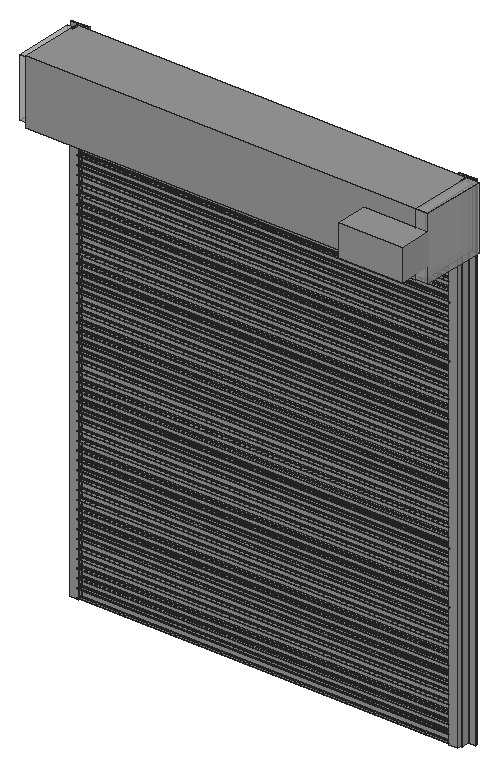
Revit family "Door-StormDefender-FaceOfWallMount_Cornell", category Doors, host Wall, Revit 2018
Family settings
  Host = Wall
  OmniClass Number = 23.30.10.17.27.11
  OmniClass Title = Overhead Coiling
  Always vertical = Yes
  Cut with Voids When Loaded = No
  Shared = No
  Room Calculation Point = No
Parameters (values of type "SEE TYPE CATALOG")
  Type Comments = ""
  SpectraSheild Coating Information [instance] = "https://www.cornellIron.com/accessory/spectrashield-powder-coating"
  Sizing for Opening Size = "Minimum 3ft x 3ft and Max Openings up to 14ft wide x 16ft high"  # constant formula
  Rating Offset = 0' - 4 1/2"
  Product Page = "https://www.cornellIron.com/product/stormdefender-door"
  Opening Width = 14' - 0"
  Non-Fire-Rated (PSD361) = yes
  Listings = "ICC 500 - 2014, FEMA P-361, [UL10B, UL1784 (fire rated model only)]"  # constant formula
  Jamb Dimension Note = "4 - 8In wide and 5-6In deep. Consult CornellIron when dimensions are critical."  # constant formula
  Operator Right Side Horizontal OR = yes
  Operator Left Side Horizontal OR = no
  Opening Height = 16' - 0"
  Operator Right Side Top OR = no
  Operator Left Side Top OR = no
  Guide Height = Height - A Coil Hood Height  # 16' - 9"
  Fire-Rated (PRSD361) [instance] = no
  E = 0' - 7 3/8"
  D = 0' - 3 1/2"  # constant formula
  Rough Height = 16' - 0 1/2"
  Product Options = "Seismic Performance Validation. Standard Emergency Annuciator: [ADA Compliant horn/strobe.  Voice Warning Module                                 \r\nStandard : Emergency Annunciator: [ADA compliant horn/strobe] [Voice Warning Module] emergency annunciator to give advanced warning that door is about to close, activating warning signal upon alarm or activation. \r\nStandard : Battery Back-Up: Model R-BBU Battery Back-Up System for AlarmGard Motor Operator: Prevent gravity closure for a minimum of four hours due to power failure.\r\nOperator and Full Bracket Mechanism Cover: Provide minimum 24 gauge [galvanized steel] [stainless steel] sheet metal cover [to provide weather resistance] [to enclose exposed moving operating components] at coil area of unit. Finish to match door hood."  # constant formula
  Operator Width = Width + 0' 9"  # 14' - 9"
  Guard Width = Width + if(Rating Offset = 0' 4 1/2", 0' 2 1/4", 0' 3 1/4")  # 14' - 2 1/4"
  Function = (empty or 0)
  Door Material [instance] = Metal - Steel, Galvanized - CornellIron - SpectraShield Powder Coating - Grey
  Cost Note = "Based on size, materials selected. Consult CornellIron ."  # constant formula
  Cost = 0
  CornellIron Products = "https://www.cornellIron.com/products"
  Cookson Custom Finishes [instance] = "https://www.cornellIron.com/customization/ral-colors"
  Coil Dimension Note = "Consult CornellIron when dimensions are critical."  # constant formula
  Clearances on Operator side Note = "9In-11In wide. Consult CornellIron when dimensions are critical."  # constant formula
  Clearances on Adjuster side Note = "6In - 8In wide. Consult CornellIron when dimensions are critical."  # constant formula
  CAD Resources = "https://www.cornellIron.com/architect-tools-and-resources/generate-a-drawing?door=stormDefender.jsp"
  C = 0' - 5 1/2"  # constant formula
  Mounting = "Face of Wall "  # constant formula
  Wall Construction = "Steel or Masonry"  # constant formula
  Specifications = "https://www.cornellIron.com/architectural-resource-homepage/download-library"
  CornellIron Projects = "https://www.cornellIron.com/inspiration/project-gallery"
  URL = "https://www.cornellIron.com/"
  Subcategory = "Roll Up"
  Operator Height = 5' - 4"
  Operation = "Motor Operator"  # constant formula
  Operator on Right = not(or(Operator Left Side Horizontal OR, Operator Left Side Top OR))  # yes
  Operator on Left = not(or(Operator Right Side Horizontal OR, Operator Right Side Top OR))  # no
  Model = "PSD361"
  Manufacturer = "Cornell:  24 Elmwood Ave, Mountain Top, PA 18707.  Telephone: (800) 294-4358"  # constant formula
  LEED Information = "https://www.cornelliron.com/architectural-resource-homepage/leed-information"
  Height = if(Opening Height < 3' 0", 3' 0", if(Opening Height > 16' 0", 16' 0", Opening Height)) + 3' 2"  # 19' - 2"
  Wall Closure = (empty or 0)
  Width = if(Opening Width < 3' 0", 3' 0", if(Opening Width > 14' 0", 14' 0", Opening Width))  # 14' - 0"
  Description = "StormDefender is designed specifically to protect life in safe rooms for hurricanes and tornados. It is certified to stringent ICC500-2014 and FEMA P-361, Third Edition code standards, and connects directly to the building's alarm ssytem, ensuring the door deploys on alarm. The door is completely recessed in the ceiling, allowing complete design freedom for Safe Rooms in public institutions. A listed fire rated version is also available."  # constant formula
  Construction Type = ""
  B Coil Hood Depth = A Coil Hood Height  # 2' - 5"
  Assembly Code = "B2030410"
  Analytic Construction = "<None>"
  A Coil Hood Height = 2' - 5"
  95 CSI = "08330"  # constant formula
  Representative Disclaimer = "CornellIron products are sold and installed through a nationwide network of independent distributors."  # constant formula
  Distributor Locator = "https://www.cornellIron.com/find-a-dealer"
  04 CSI = "08 33 00"  # constant formula
  # Of Slats = (Guide Height / 0' 4")  # 50
Reference planes (in)
  plane 1 "Center (Front/Back)": y = 0
  plane 2 "Center (Left/Right)": x = 36.5
  plane 3 "Left": x = -47.5
  plane 4 "Right": x = 120.5
  plane 5 "Wall Edge": y = -3.25
  plane 6 "Top of Hood": z = 230
  plane 7: z = 4.39975
  plane 8: z = 4.39975
  plane 9: z = 6.41361
  plane 10: z = 10.41361
  plane 11: y = -5.125
  plane 12 "RatingOffset": x = -52
  plane 13 "Right Opening": x = -50
  plane 14 "Left Opening": x = 123
  plane 15: y = -6.249
  plane 16: x = -51.625
  plane 17: x = 125
  plane 18: x = 123.875
  plane 19: z = 192
  plane 20: z = 201
  plane 21: x = 146.5
  plane 22: x = 74
  plane 23: z = 48
  plane 24 "CurtainSlatFace": y = -7.5625
Forms (in)
  Extrusion 1, solid, material "Metal - Steel, Galvanized - CornellIron - SpectraShield Powder Coating - Grey" <- "Door Material"
    sketch origin (36.5, 5.6875, 0) x (0, 1, 0) y (0, 0, 1)
      loop
        arc (-14.54091, 1.094) -> (-14.68883, 1.03273) -> (-14.75011, 0.8848) r 0.2092
        line (-14.75011, 0.8848) -> (-14.75011, 0.2092)
        arc (-14.75011, 0.2092) -> (-14.68883, 0.06127) -> (-14.54091, 0) r 0.2092
        line (-14.54091, 0) -> (-13.4592, 0)
        arc (-13.4592, 0) -> (-13.31127, 0.06127) -> (-13.25, 0.2092) r 0.2092
        line (-13.25, 0.2092) -> (-13.25, 3.7908)
        arc (-13.25, 3.7908) -> (-13.31127, 3.93873) -> (-13.4592, 4) r 0.2092
        line (-13.4592, 4) -> (-14.54091, 4)
        arc (-14.54091, 4) -> (-14.61487, 4.03064) -> (-14.64551, 4.1046) r 0.1046
        line (-14.64551, 4.1046) -> (-14.64551, 5.2704)
        arc (-14.64551, 5.2704) -> (-14.61487, 5.34436) -> (-14.54091, 5.375) r 0.1046
        line (-14.54091, 5.375) -> (-13.8546, 5.375)
        arc (-13.8546, 5.375) -> (-13.78064, 5.34436) -> (-13.75, 5.2704) r 0.1046
        line (-13.75, 5.2704) -> (-13.75, 4.75) -> (-13.6454, 4.75) -> (-13.6454, 5.2704)
        arc (-13.6454, 5.2704) -> (-13.70667, 5.41833) -> (-13.8546, 5.4796) r 0.2092
        line (-13.8546, 5.4796) -> (-14.54091, 5.4796)
        arc (-14.54091, 5.4796) -> (-14.68883, 5.41833) -> (-14.75011, 5.2704) r 0.2092
        line (-14.75011, 5.2704) -> (-14.75011, 4.1046)
        arc (-14.75011, 4.1046) -> (-14.68883, 3.95667) -> (-14.54091, 3.8954) r 0.2092
        line (-14.54091, 3.8954) -> (-13.4592, 3.8954)
        arc (-13.4592, 3.8954) -> (-13.38524, 3.86476) -> (-13.3546, 3.7908) r 0.1046
        line (-13.3546, 3.7908) -> (-13.3546, 0.2092)
        arc (-13.3546, 0.2092) -> (-13.38524, 0.13524) -> (-13.4592, 0.1046) r 0.1046
        line (-13.4592, 0.1046) -> (-14.54091, 0.1046)
        arc (-14.54091, 0.1046) -> (-14.61487, 0.13524) -> (-14.64551, 0.2092) r 0.1046
        line (-14.64551, 0.2092) -> (-14.64551, 0.8848)
        arc (-14.64551, 0.8848) -> (-14.61487, 0.95876) -> (-14.54091, 0.9894) r 0.1046
        line (-14.54091, 0.9894) -> (-13.9375, 0.9894) -> (-13.9375, 1.094) -> (-14.54091, 1.094)
      loop
        arc (-14.35818, 0.95815) -> (-14.50611, 0.89688) -> (-14.56738, 0.74895) r 0.2092
        line (-14.56738, 0.74895) -> (-14.56738, 0.34505)
        arc (-14.56738, 0.34505) -> (-14.50611, 0.19712) -> (-14.35818, 0.13585) r 0.2092
        line (-14.35818, 0.13585) -> (-13.43273, 0.13585) -> (-13.43273, 0.24045) -> (-14.35818, 0.24045)
        arc (-14.35818, 0.24045) -> (-14.43215, 0.27109) -> (-14.46278, 0.34505) r 0.1046
        line (-14.46278, 0.34505) -> (-14.46278, 0.74895)
        arc (-14.46278, 0.74895) -> (-14.43215, 0.82291) -> (-14.35818, 0.85355) r 0.1046
        line (-14.35818, 0.85355) -> (-13.43273, 0.85355) -> (-13.43273, 0.95815) -> (-14.35818, 0.95815)
    from -85.125 to 85.125
Lines and regions (in)
  Opening 1
    outline origin (-90, -3.25, 0) x (1, 0, 0) y (0, 0, 1)
      loop
        line (42.5, 0) -> (210.5, 0) -> (210.5, 192) -> (42.5, 192) -> (42.5, 0)
  symbolic lines
    curve 1: line (-48.625, -7.5625, 0) -> (121.625, -7.5625, 0)
    curve 2: line (-48.625, -9.06261, 0) -> (-48.625, -7.5625, 0)
    curve 3: line (121.625, -9.06261, 0) -> (-48.625, -9.06261, 0)
    curve 4: line (121.625, -7.5625, 0) -> (121.625, -9.06261, 0)
Text (in)
  text "Exterior" at (-74.96733, 43.29818, 0), in view "Ref. Level"
  text "Interior" at (-74.96733, -25.14366, 0), in view "Ref. Level"
  text "Exterior" at (0, 40.15149, 123.01588), in view "Right"
  text "Interior" at (0, -64.39139, 123.01588), in view "Right"
  text "Interior" at (0, -99.68667, 224.54229), in view "Left"
  text "Exterior" at (0, 121.89301, 224.54229), in view "Left"
Dimensions and locks (in)
  equal spacing: plane 3 "Left", plane 2 "Center (Left/Right)", plane 4 "Right"
  "Width": plane 3 "Left" to plane 4 "Right"
  locked: level to plane 7 at 4.39975
  locked: level to plane 8 at 4.39975
  locked: plane 9 to level at 6.41361
  level to plane 10 = 0' - 10.41361"
  locked: plane 13 "Right Opening" to plane 3 "Left" at 2.5
  locked: plane 4 "Right" to plane 14 "Left Opening" at 2.5
  locked: plane 5 "Wall Edge" to plane 11 at 1.875
  locked: plane 5 "Wall Edge" to plane 15 at 2.999
  locked: plane 17 to plane 18 at 1.125
  "Rating Offset": plane 4 "Right" to plane 17
  "Rating Offset": plane 12 "RatingOffset" to plane 3 "Left"
  locked: plane 16 to plane 3 "Left" at 4.125
  plane 23 to level = 4' - 0"
  plane 14 "Left Opening" to plane 21 = 1' - 11 1/2"
  "Opening Height": level to plane 19
  "Height": plane 6 "Top of Hood" to level
  equal spacing: group 1, group 2, group 3, group 4, group 5, group 6, group 7, group 8, group 9, group 10, group 11, group 12, group 13, group 14, group 15, group 16, group 17, group 18, group 19, group 20, group 21, group 22, group 23, group 24, group 25, group 26, group 27, group 28, group 29, group 30, group 31, group 32, group 33, group 34, group 35, group 36, group 37, group 38, group 39, group 40, group 41, group 42, group 43, group 44, group 45, group 46, group 47, group 48, group 49, group 50  (x3)
  nested 1 to nested 1 = 2' - 5"  (x3)
  "A Coil Hood Height": nested 1 to plane 6 "Top of Hood"
  nested 1 to level = 19' - 2"
  nested 1 to level = 16' - 9"
  nested 13 to level = 19' - 2"
  plane 3 "Left" to plane 4 "Right" = 14' - 0"
  locked: plane 5 "Wall Edge" to plane 24 "CurtainSlatFace" at 4.3125
  locked: plane 5 "Wall Edge" to nested 1 at 1.25
  locked: plane 12 "RatingOffset" to Extrusion 1 at 3.375
  locked: plane 17 to Extrusion 1 at 3.375
  plane 5 "Wall Edge" to nested 1 = 2' - 6 1/4"
  plane 5 "Wall Edge" to nested 1 = 0' - 1 1/4"
  aligned and locked: Opening 1 sketch curve to level
  aligned and locked: plane 5 "Wall Edge" to host wall
  aligned and locked: plane 4 "Right" to Opening 1 sketch curve
  aligned and locked: plane 3 "Left" to Opening 1 sketch curve
  aligned and locked: nested 2 to plane 2 "Center (Left/Right)"
  aligned and locked: nested 3 to plane 2 "Center (Left/Right)"
  aligned and locked: nested 14 to plane 17
  aligned and locked: nested 14 to plane 5 "Wall Edge"
  aligned and locked: plane 5 "Wall Edge" to nested 13
  aligned and locked: plane 24 "CurtainSlatFace" to Extrusion 1
  aligned and locked: plane 12 "RatingOffset" to nested 13
  aligned and locked: plane 24 "CurtainSlatFace" to nested 2
  aligned and locked: curve 2 to nested 13
  aligned and locked: curve 4 to nested 14
Automatic sketch dimensions
  Opening 1 sketch curve to plane 19 = 0' - 0"
  Extrusion 1 sketch curve to Extrusion 1 sketch curve = 0' - 0"  (x37)
  Extrusion 1 sketch curve to Extrusion 1 sketch curve = 0' - 0.1046"  (x10)
  Extrusion 1 sketch curve to Extrusion 1 sketch curve = 0' - 0.60341"
  Extrusion 1 sketch curve to Extrusion 1 sketch curve = 0' - 0.68631"
  Extrusion 1 sketch curve to Extrusion 1 sketch curve = 0' - 1.08171"
  Extrusion 1 sketch curve to Extrusion 1 sketch curve = 0' - 0.1862"
  Extrusion 1 sketch curve to Extrusion 1 sketch curve = 0' - 0.02648"
  Extrusion 1 sketch curve to Extrusion 1 sketch curve = 0' - 0.50477"
  Extrusion 1 sketch curve to Extrusion 1 sketch curve = 0' - 0.02647"
  Extrusion 1 sketch curve to Extrusion 1 sketch curve = 0' - 0 1/32"
  Extrusion 1 sketch curve to Extrusion 1 sketch curve = 0' - 0.13585"
  Extrusion 1 sketch curve to Extrusion 1 sketch curve = 0' - 0.4039"
  Extrusion 1 sketch curve to Extrusion 1 sketch curve = 0' - 2.6968"
  Extrusion 1 sketch curve to Extrusion 1 sketch curve = 0' - 0 3/4"
  Extrusion 1 sketch curve to Extrusion 1 sketch curve = 0' - 0.5204"
  curve 2 to curve 3 = 14' - 2 1/4"
  curve 2 to curve 2 = 0' - 1.50011"
  Extrusion 1 sketch curve to level = 0' - 0"
  Extrusion 1 sketch curve to plane 24 "CurtainSlatFace" = 0' - 0"
  curve 4 to plane 24 "CurtainSlatFace" = 0' - 0"
  curve 4 to plane 24 "CurtainSlatFace" = 0' - 1.50011"
Nested families (in)
  nested 1: "Coil Hood" at (36.5, -13, 146.5), Door Material <- "Door Material", type "Parametric"
    with Door Material Metal - Steel, Galvanized - CornellIron - SpectraShield Powder Coating - Grey, Top Left no, Right yes, Operator Cover Left no, Opeator Cover Right yes, Left no, Horizontal Right yes
  nested 2: "Curtain Slat Design" at (119.84707, -8.51, 7.40625) x (-1, 0, 0) z (0, 0, 1), Door Material <- "Door Material", type "Parametric"
    with No Of Stuts Upper 17, No Of Stuts 18, Door Material Metal - Steel, Galvanized - CornellIron - SpectraShield Powder Coating - Grey, Distance Horizontal Placement 0' - 9"
  nested 3: "Curtain Slat Design" at (119.84707, -8.51, 11.40625) x (-1, 0, 0) z (0, 0, 1), Door Material <- "Door Material", type "Parametric"
    with No Of Stuts Upper 17, No Of Stuts 18, Door Material Metal - Steel, Galvanized - CornellIron - SpectraShield Powder Coating - Grey, Distance Horizontal Placement 0' - 9"
  nested 4: "Curtain Slat Design" at (119.84707, -8.51, 15.40625) x (-1, 0, 0) z (0, 0, 1), Door Material <- "Door Material", type "Parametric"
    with No Of Stuts Upper 17, No Of Stuts 18, Door Material Metal - Steel, Galvanized - CornellIron - SpectraShield Powder Coating - Grey, Distance Horizontal Placement 0' - 9"
  nested 5: "Curtain Slat Design" at (119.84707, -8.51, 19.40625) x (-1, 0, 0) z (0, 0, 1), Door Material <- "Door Material", type "Parametric"
    with No Of Stuts Upper 17, No Of Stuts 18, Door Material Metal - Steel, Galvanized - CornellIron - SpectraShield Powder Coating - Grey, Distance Horizontal Placement 0' - 9"
  nested 6: "Curtain Slat Design" at (119.84707, -8.51, 23.40625) x (-1, 0, 0) z (0, 0, 1), Door Material <- "Door Material", type "Parametric"
    with No Of Stuts Upper 17, No Of Stuts 18, Door Material Metal - Steel, Galvanized - CornellIron - SpectraShield Powder Coating - Grey, Distance Horizontal Placement 0' - 9"
  nested 7: "Curtain Slat Design" at (119.84707, -8.51, 27.40625) x (-1, 0, 0) z (0, 0, 1), Door Material <- "Door Material", type "Parametric"
    with No Of Stuts Upper 17, No Of Stuts 18, Door Material Metal - Steel, Galvanized - CornellIron - SpectraShield Powder Coating - Grey, Distance Horizontal Placement 0' - 9"
  nested 8: "Curtain Slat Design" at (119.84707, -8.51, 31.40625) x (-1, 0, 0) z (0, 0, 1), Door Material <- "Door Material", type "Parametric"
    with No Of Stuts Upper 17, No Of Stuts 18, Door Material Metal - Steel, Galvanized - CornellIron - SpectraShield Powder Coating - Grey, Distance Horizontal Placement 0' - 9"
  nested 9: "Curtain Slat Design" at (119.84707, -8.51, 35.40625) x (-1, 0, 0) z (0, 0, 1), Door Material <- "Door Material", type "Parametric"
    with No Of Stuts Upper 17, No Of Stuts 18, Door Material Metal - Steel, Galvanized - CornellIron - SpectraShield Powder Coating - Grey, Distance Horizontal Placement 0' - 9"
  nested 10: "Curtain Slat Design" at (119.84707, -8.51, 39.40625) x (-1, 0, 0) z (0, 0, 1), Door Material <- "Door Material", type "Parametric"
    with No Of Stuts Upper 17, No Of Stuts 18, Door Material Metal - Steel, Galvanized - CornellIron - SpectraShield Powder Coating - Grey, Distance Horizontal Placement 0' - 9"
  nested 11: "Curtain Slat Design" at (119.84707, -8.51, 43.40625) x (-1, 0, 0) z (0, 0, 1), Door Material <- "Door Material", type "Parametric"
    with No Of Stuts Upper 17, No Of Stuts 18, Door Material Metal - Steel, Galvanized - CornellIron - SpectraShield Powder Coating - Grey, Distance Horizontal Placement 0' - 9"
  nested 12: "Curtain Slat Design" at (119.84707, -8.51, 47.40625) x (-1, 0, 0) z (0, 0, 1), Door Material <- "Door Material", type "Parametric"
    with No Of Stuts Upper 17, No Of Stuts 18, Door Material Metal - Steel, Galvanized - CornellIron - SpectraShield Powder Coating - Grey, Distance Horizontal Placement 0' - 9"
  nested 13: "Jamb-Guide_Wall-2" at (-51.5, -9.5, 0), Door Material <- "Door Material", type "Parametric"
    with Door Material Metal - Steel, Galvanized - CornellIron - SpectraShield Powder Coating - Grey, A Coil Hood Height 2' - 5"
  nested 14: "Jamb-Guide_Wall-2" at (124.5, -9.5, 0) x (-1, 0, 0) z (0, 0, 1), Door Material <- "Door Material", type "Parametric"
    with Door Material Metal - Steel, Galvanized - CornellIron - SpectraShield Powder Coating - Grey, A Coil Hood Height 2' - 5"
  nested 15: "Curtain Slat Design" at (119.84707, -8.51, 51.40625) x (-1, 0, 0) z (0, 0, 1), Door Material <- "Door Material", type "Parametric"
    with No Of Stuts Upper 17, No Of Stuts 18, Door Material Metal - Steel, Galvanized - CornellIron - SpectraShield Powder Coating - Grey, Distance Horizontal Placement 0' - 9"
  nested 16: "Curtain Slat Design" at (119.84707, -8.51, 55.40625) x (-1, 0, 0) z (0, 0, 1), Door Material <- "Door Material", type "Parametric"
    with No Of Stuts Upper 17, No Of Stuts 18, Door Material Metal - Steel, Galvanized - CornellIron - SpectraShield Powder Coating - Grey, Distance Horizontal Placement 0' - 9"
  nested 17: "Curtain Slat Design" at (119.84707, -8.51, 59.40625) x (-1, 0, 0) z (0, 0, 1), Door Material <- "Door Material", type "Parametric"
    with No Of Stuts Upper 17, No Of Stuts 18, Door Material Metal - Steel, Galvanized - CornellIron - SpectraShield Powder Coating - Grey, Distance Horizontal Placement 0' - 9"
  nested 18: "Curtain Slat Design" at (119.84707, -8.51, 63.40625) x (-1, 0, 0) z (0, 0, 1), Door Material <- "Door Material", type "Parametric"
    with No Of Stuts Upper 17, No Of Stuts 18, Door Material Metal - Steel, Galvanized - CornellIron - SpectraShield Powder Coating - Grey, Distance Horizontal Placement 0' - 9"
  nested 19: "Curtain Slat Design" at (119.84707, -8.51, 67.40625) x (-1, 0, 0) z (0, 0, 1), Door Material <- "Door Material", type "Parametric"
    with No Of Stuts Upper 17, No Of Stuts 18, Door Material Metal - Steel, Galvanized - CornellIron - SpectraShield Powder Coating - Grey, Distance Horizontal Placement 0' - 9"
  nested 20: "Curtain Slat Design" at (119.84707, -8.51, 71.40625) x (-1, 0, 0) z (0, 0, 1), Door Material <- "Door Material", type "Parametric"
    with No Of Stuts Upper 17, No Of Stuts 18, Door Material Metal - Steel, Galvanized - CornellIron - SpectraShield Powder Coating - Grey, Distance Horizontal Placement 0' - 9"
  nested 21: "Curtain Slat Design" at (119.84707, -8.51, 75.40625) x (-1, 0, 0) z (0, 0, 1), Door Material <- "Door Material", type "Parametric"
    with No Of Stuts Upper 17, No Of Stuts 18, Door Material Metal - Steel, Galvanized - CornellIron - SpectraShield Powder Coating - Grey, Distance Horizontal Placement 0' - 9"
  nested 22: "Curtain Slat Design" at (119.84707, -8.51, 79.40625) x (-1, 0, 0) z (0, 0, 1), Door Material <- "Door Material", type "Parametric"
    with No Of Stuts Upper 17, No Of Stuts 18, Door Material Metal - Steel, Galvanized - CornellIron - SpectraShield Powder Coating - Grey, Distance Horizontal Placement 0' - 9"
  nested 23: "Curtain Slat Design" at (119.84707, -8.51, 83.40625) x (-1, 0, 0) z (0, 0, 1), Door Material <- "Door Material", type "Parametric"
    with No Of Stuts Upper 17, No Of Stuts 18, Door Material Metal - Steel, Galvanized - CornellIron - SpectraShield Powder Coating - Grey, Distance Horizontal Placement 0' - 9"
  nested 24: "Curtain Slat Design" at (119.84707, -8.51, 87.40625) x (-1, 0, 0) z (0, 0, 1), Door Material <- "Door Material", type "Parametric"
    with No Of Stuts Upper 17, No Of Stuts 18, Door Material Metal - Steel, Galvanized - CornellIron - SpectraShield Powder Coating - Grey, Distance Horizontal Placement 0' - 9"
  nested 25: "Curtain Slat Design" at (119.84707, -8.51, 91.40625) x (-1, 0, 0) z (0, 0, 1), Door Material <- "Door Material", type "Parametric"
    with No Of Stuts Upper 17, No Of Stuts 18, Door Material Metal - Steel, Galvanized - CornellIron - SpectraShield Powder Coating - Grey, Distance Horizontal Placement 0' - 9"
  nested 26: "Curtain Slat Design" at (119.84707, -8.51, 95.40625) x (-1, 0, 0) z (0, 0, 1), Door Material <- "Door Material", type "Parametric"
    with No Of Stuts Upper 17, No Of Stuts 18, Door Material Metal - Steel, Galvanized - CornellIron - SpectraShield Powder Coating - Grey, Distance Horizontal Placement 0' - 9"
  nested 27: "Curtain Slat Design" at (119.84707, -8.51, 99.40625) x (-1, 0, 0) z (0, 0, 1), Door Material <- "Door Material", type "Parametric"
    with No Of Stuts Upper 17, No Of Stuts 18, Door Material Metal - Steel, Galvanized - CornellIron - SpectraShield Powder Coating - Grey, Distance Horizontal Placement 0' - 9"
  nested 28: "Curtain Slat Design" at (119.84707, -8.51, 103.40625) x (-1, 0, 0) z (0, 0, 1), Door Material <- "Door Material", type "Parametric"
    with No Of Stuts Upper 17, No Of Stuts 18, Door Material Metal - Steel, Galvanized - CornellIron - SpectraShield Powder Coating - Grey, Distance Horizontal Placement 0' - 9"
  nested 29: "Curtain Slat Design" at (119.84707, -8.51, 107.40625) x (-1, 0, 0) z (0, 0, 1), Door Material <- "Door Material", type "Parametric"
    with No Of Stuts Upper 17, No Of Stuts 18, Door Material Metal - Steel, Galvanized - CornellIron - SpectraShield Powder Coating - Grey, Distance Horizontal Placement 0' - 9"
  nested 30: "Curtain Slat Design" at (119.84707, -8.51, 111.40625) x (-1, 0, 0) z (0, 0, 1), Door Material <- "Door Material", type "Parametric"
    with No Of Stuts Upper 17, No Of Stuts 18, Door Material Metal - Steel, Galvanized - CornellIron - SpectraShield Powder Coating - Grey, Distance Horizontal Placement 0' - 9"
  nested 31: "Curtain Slat Design" at (119.84707, -8.51, 115.40625) x (-1, 0, 0) z (0, 0, 1), Door Material <- "Door Material", type "Parametric"
    with No Of Stuts Upper 17, No Of Stuts 18, Door Material Metal - Steel, Galvanized - CornellIron - SpectraShield Powder Coating - Grey, Distance Horizontal Placement 0' - 9"
  nested 32: "Curtain Slat Design" at (119.84707, -8.51, 119.40625) x (-1, 0, 0) z (0, 0, 1), Door Material <- "Door Material", type "Parametric"
    with No Of Stuts Upper 17, No Of Stuts 18, Door Material Metal - Steel, Galvanized - CornellIron - SpectraShield Powder Coating - Grey, Distance Horizontal Placement 0' - 9"
  nested 33: "Curtain Slat Design" at (119.84707, -8.51, 123.40625) x (-1, 0, 0) z (0, 0, 1), Door Material <- "Door Material", type "Parametric"
    with No Of Stuts Upper 17, No Of Stuts 18, Door Material Metal - Steel, Galvanized - CornellIron - SpectraShield Powder Coating - Grey, Distance Horizontal Placement 0' - 9"
  nested 34: "Curtain Slat Design" at (119.84707, -8.51, 127.40625) x (-1, 0, 0) z (0, 0, 1), Door Material <- "Door Material", type "Parametric"
    with No Of Stuts Upper 17, No Of Stuts 18, Door Material Metal - Steel, Galvanized - CornellIron - SpectraShield Powder Coating - Grey, Distance Horizontal Placement 0' - 9"
  nested 35: "Curtain Slat Design" at (119.84707, -8.51, 131.40625) x (-1, 0, 0) z (0, 0, 1), Door Material <- "Door Material", type "Parametric"
    with No Of Stuts Upper 17, No Of Stuts 18, Door Material Metal - Steel, Galvanized - CornellIron - SpectraShield Powder Coating - Grey, Distance Horizontal Placement 0' - 9"
  nested 36: "Curtain Slat Design" at (119.84707, -8.51, 135.40625) x (-1, 0, 0) z (0, 0, 1), Door Material <- "Door Material", type "Parametric"
    with No Of Stuts Upper 17, No Of Stuts 18, Door Material Metal - Steel, Galvanized - CornellIron - SpectraShield Powder Coating - Grey, Distance Horizontal Placement 0' - 9"
  nested 37: "Curtain Slat Design" at (119.84707, -8.51, 139.40625) x (-1, 0, 0) z (0, 0, 1), Door Material <- "Door Material", type "Parametric"
    with No Of Stuts Upper 17, No Of Stuts 18, Door Material Metal - Steel, Galvanized - CornellIron - SpectraShield Powder Coating - Grey, Distance Horizontal Placement 0' - 9"
  nested 38: "Curtain Slat Design" at (119.84707, -8.51, 143.40625) x (-1, 0, 0) z (0, 0, 1), Door Material <- "Door Material", type "Parametric"
    with No Of Stuts Upper 17, No Of Stuts 18, Door Material Metal - Steel, Galvanized - CornellIron - SpectraShield Powder Coating - Grey, Distance Horizontal Placement 0' - 9"
  nested 39: "Curtain Slat Design" at (119.84707, -8.51, 147.40625) x (-1, 0, 0) z (0, 0, 1), Door Material <- "Door Material", type "Parametric"
    with No Of Stuts Upper 17, No Of Stuts 18, Door Material Metal - Steel, Galvanized - CornellIron - SpectraShield Powder Coating - Grey, Distance Horizontal Placement 0' - 9"
  nested 40: "Curtain Slat Design" at (119.84707, -8.51, 151.40625) x (-1, 0, 0) z (0, 0, 1), Door Material <- "Door Material", type "Parametric"
    with No Of Stuts Upper 17, No Of Stuts 18, Door Material Metal - Steel, Galvanized - CornellIron - SpectraShield Powder Coating - Grey, Distance Horizontal Placement 0' - 9"
  nested 41: "Curtain Slat Design" at (119.84707, -8.51, 155.40625) x (-1, 0, 0) z (0, 0, 1), Door Material <- "Door Material", type "Parametric"
    with No Of Stuts Upper 17, No Of Stuts 18, Door Material Metal - Steel, Galvanized - CornellIron - SpectraShield Powder Coating - Grey, Distance Horizontal Placement 0' - 9"
  nested 42: "Curtain Slat Design" at (119.84707, -8.51, 159.40625) x (-1, 0, 0) z (0, 0, 1), Door Material <- "Door Material", type "Parametric"
    with No Of Stuts Upper 17, No Of Stuts 18, Door Material Metal - Steel, Galvanized - CornellIron - SpectraShield Powder Coating - Grey, Distance Horizontal Placement 0' - 9"
  nested 43: "Curtain Slat Design" at (119.84707, -8.51, 163.40625) x (-1, 0, 0) z (0, 0, 1), Door Material <- "Door Material", type "Parametric"
    with No Of Stuts Upper 17, No Of Stuts 18, Door Material Metal - Steel, Galvanized - CornellIron - SpectraShield Powder Coating - Grey, Distance Horizontal Placement 0' - 9"
  nested 44: "Curtain Slat Design" at (119.84707, -8.51, 167.40625) x (-1, 0, 0) z (0, 0, 1), Door Material <- "Door Material", type "Parametric"
    with No Of Stuts Upper 17, No Of Stuts 18, Door Material Metal - Steel, Galvanized - CornellIron - SpectraShield Powder Coating - Grey, Distance Horizontal Placement 0' - 9"
  nested 45: "Curtain Slat Design" at (119.84707, -8.51, 171.40625) x (-1, 0, 0) z (0, 0, 1), Door Material <- "Door Material", type "Parametric"
    with No Of Stuts Upper 17, No Of Stuts 18, Door Material Metal - Steel, Galvanized - CornellIron - SpectraShield Powder Coating - Grey, Distance Horizontal Placement 0' - 9"
  nested 46: "Curtain Slat Design" at (119.84707, -8.51, 175.40625) x (-1, 0, 0) z (0, 0, 1), Door Material <- "Door Material", type "Parametric"
    with No Of Stuts Upper 17, No Of Stuts 18, Door Material Metal - Steel, Galvanized - CornellIron - SpectraShield Powder Coating - Grey, Distance Horizontal Placement 0' - 9"
  nested 47: "Curtain Slat Design" at (119.84707, -8.51, 179.40625) x (-1, 0, 0) z (0, 0, 1), Door Material <- "Door Material", type "Parametric"
    with No Of Stuts Upper 17, No Of Stuts 18, Door Material Metal - Steel, Galvanized - CornellIron - SpectraShield Powder Coating - Grey, Distance Horizontal Placement 0' - 9"
  nested 48: "Curtain Slat Design" at (119.84707, -8.51, 183.40625) x (-1, 0, 0) z (0, 0, 1), Door Material <- "Door Material", type "Parametric"
    with No Of Stuts Upper 17, No Of Stuts 18, Door Material Metal - Steel, Galvanized - CornellIron - SpectraShield Powder Coating - Grey, Distance Horizontal Placement 0' - 9"
  nested 49: "Curtain Slat Design" at (119.84707, -8.51, 187.40625) x (-1, 0, 0) z (0, 0, 1), Door Material <- "Door Material", type "Parametric"
    with No Of Stuts Upper 17, No Of Stuts 18, Door Material Metal - Steel, Galvanized - CornellIron - SpectraShield Powder Coating - Grey, Distance Horizontal Placement 0' - 9"
  nested 50: "Curtain Slat Design" at (119.84707, -8.51, 191.40625) x (-1, 0, 0) z (0, 0, 1), Door Material <- "Door Material", type "Parametric"
    with No Of Stuts Upper 17, No Of Stuts 18, Door Material Metal - Steel, Galvanized - CornellIron - SpectraShield Powder Coating - Grey, Distance Horizontal Placement 0' - 9"
  nested 51: "Curtain Slat Design" at (119.84707, -8.51, 195.40625) x (-1, 0, 0) z (0, 0, 1), Door Material <- "Door Material", type "Parametric"
    with No Of Stuts Upper 17, No Of Stuts 18, Door Material Metal - Steel, Galvanized - CornellIron - SpectraShield Powder Coating - Grey, Distance Horizontal Placement 0' - 9"
  nested 52: "Curtain Slat Design" at (119.84707, -8.51, 199.40625) x (-1, 0, 0) z (0, 0, 1), Door Material <- "Door Material", type "Parametric"
    with No Of Stuts Upper 17, No Of Stuts 18, Door Material Metal - Steel, Galvanized - CornellIron - SpectraShield Powder Coating - Grey, Distance Horizontal Placement 0' - 9"
  nested 53: "Curtain Slat Design" at (119.84707, -8.51, 203.40625) x (-1, 0, 0) z (0, 0, 1), Door Material <- "Door Material", type "Parametric"
    with No Of Stuts Upper 17, No Of Stuts 18, Door Material Metal - Steel, Galvanized - CornellIron - SpectraShield Powder Coating - Grey, Distance Horizontal Placement 0' - 9"
Definition of nested family "Coil Hood"
  Parameters (values of type "Parametric")
    Width = 14' - 9"
    Top Right = no
    Top Left = yes
    Top Operator CL = (B Coil Hood Depth / 2) - 0' 7 1/8"  # 0' - 7 3/8"
    Right Motor Visible = not(Motor)  # yes
    Right = no
    Pull = no
    Operator Height = Height / 1.5  # 3' - 6.66667"
    Operator Extents = none
    Operator Cover Left = yes
    Opeator Cover Right = no
    Motor = no
    Door Material [instance] = none
    Line = no
    Left Motor Visible = not(Motor)  # yes
    Left = yes
    Horizontal Right = no
    Horizontal Left = no
    Height = 5' - 4"
    Hand Crank = no
    E = (A Coil Hood Height - 1' 2 1/4") / 2  # 0' - 7 3/8"
    D = 0' - 3 1/2"
    C = 0' - 5 1/2"
    Bottom Bar = none
    B Coil Hood Depth = A Coil Hood Height  # 2' - 5"
    Assembly Code = ""
    Analytic Construction = "<None>"
    A Coil Hood Height = 2' - 5"
  Reference planes (in)
    plane 1 "Center (Front/Back)": y = 0
    plane 2: z = 0
    plane 3 "Center (Left/Right)": x = 0
    plane 4: x = -98.5
    plane 5: x = 98.5
    plane 6: z = 64
    plane 7: y = 8.5
    plane 8: z = 54.5
    plane 9: y = 6.625
    plane 10: x = -94
    plane 11: x = 94
    plane 12: x = -104
    plane 13: x = 104
    plane 14: x = 103.75
    plane 15: x = -103.75
    plane 16: z = 73.5
    plane 17: y = -13
    plane 18: y = -28.5
    plane 19: x = -87.125
    plane 20 "Left Side": x = -88.5
    plane 21 "Right Side": x = 88.5
    plane 22: y = -11.5
    plane 23: y = -26.1875
    plane 24: x = 79.3125
    plane 25: x = -79.3125
    plane 26: x = 65
    plane 27: x = -65
    plane 28: z = 83.5
    plane 29 "Top": z = 83.5
    plane 30: y = -20.5
    plane 31 "Horz CL": z = 69
  Forms (in)
    Sweep 1, solid, material <- "Door Material"
      path origin (-42.75, -180, 54.5) x (0, -1, 0) y (1, 0, 0)
        loop
          line (-188.5, -45.75) -> (-188.5, 131.25)
      profile "Profile_Hood : Profile_Hood" origin (0, 8.5, 54.5) x (0, 1, 0) y (0, 0, 1)
        loop
          line (-29, 29) -> (-29, 0) -> (0, 0) -> (0, 29) -> (-29, 29)
    Sweep 2, solid, material <- "Operator Extents", visible <- "Operator Cover Left"
      path origin (0, 0, 0) x (1, 0, 0) y (0, 0, 1)
        loop
          line (-88.5, 64) -> (-94, 64)
      profile origin (-91.25, 0, 64) x (0, 0, -1) y (0, -1, 0)
        loop
          line (-19.5, 20.5) -> (-19.5, -8.5) -> (9.5, -8.5) -> (9.5, 20.5) -> (-19.5, 20.5)
    Sweep 3, solid, material <- "Operator Extents", visible <- "Opeator Cover Right"
      path origin (0, 0, 0) x (-1, 0, 0) y (0, 0, 1)
        loop
          line (-88.5, 64) -> (-94, 64)
      profile origin (91.25, 0, 64) x (0, 0, 1) y (0, -1, 0)
        loop
          line (19.5, -8.5) -> (19.5, 20.5) -> (-9.5, 20.5) -> (-9.5, -8.5) -> (19.5, -8.5)
    Extrusion 4, solid, material <- "Door Material", visible <- "Horizontal Right"
      sketch origin (0.8125, 0, -0.8125) x (1, 0, 0) y (0, 1, 0)
        loop
          line (93.1875, -35.1875) -> (93.1875, -20.5) -> (64.1875, -20.5) -> (64.1875, -35.1875) -> (93.1875, -35.1875)
      from 62.6875 to 76.9375
    Extrusion 5, solid, material <- "Door Material", visible <- "Horizontal Left"
      sketch origin (-0.8125, 0, -12.21875) x (1, 0, 0) y (0, 1, 0)
        loop
          line (-93.1875, -35.1875) -> (-64.1875, -35.1875) -> (-64.1875, -20.5) -> (-93.1875, -20.5) -> (-93.1875, -35.1875)
      from 74.09375 to 88.34375
    Extrusion 6, solid, material <- "Door Material", visible <- "Top Left"
      sketch origin (0, 0, 83.5) x (0, 1, 0) y (-1, 0, 0)
        loop
          line (1.125, 94) -> (-13.125, 94) -> (-13.125, 65) -> (1.125, 65) -> (1.125, 94)
      from 0 to 14.25
    Extrusion 7, solid, material <- "Door Material", visible <- "Top Right"
      sketch origin (0, 0, 83.5) x (0, 1, 0) y (-1, 0, 0)
        loop
          line (1.125, -94) -> (1.125, -65) -> (-13.125, -65) -> (-13.125, -94) -> (1.125, -94)
      from 0 to 14.25
    Extrusion 8, solid, material <- "Operator Extents", visible <- "Opeator Cover Right"
      sketch origin (-88.5, 0, 0) x (0, 0, 1) y (0, -1, 0)
        loop
          line (82.5, -7.5) -> (82.5, 19.5) -> (55.5, 19.5) -> (55.5, -7.5) -> (82.5, -7.5)
      from 0 to -3.5
    Extrusion 9, solid, material <- "Operator Extents"
      sketch origin (88.5, 0, 0) x (0, 0, 1) y (0, 1, 0)
        loop
          line (82.5, -19.5) -> (82.5, 7.5) -> (55.5, 7.5) -> (55.5, -19.5) -> (82.5, -19.5)
      from 0 to -3.5
  Lines and regions (in)
    symbolic lines, visible <- "Left"
      curve 1: line (-94, -22.5, 0) -> (-94, 8.5, 0)
    symbolic lines
      curve 2: line (-94, -20.5, 0) -> (94, -20.5, 0)
      curve 9: line (94, -20.5, 0) -> (94, 8.5, 0)
      curve 12: line (-94, 8.5, 0) -> (-94, -20.5, 0)
    symbolic lines, visible <- "Top Left"
      curve 3: line (-65, -35.1875, 0) -> (-65, -20.5, 0)
      curve 4: line (-94, -35.1875, 0) -> (-65, -35.1875, 0)
      curve 5: line (-94, -20.5, 0) -> (-94, -35.1875, 0)
      curve 11: line (-94, -20.5, 0) -> (-94, -35.1875, 0)
    symbolic lines, visible <- "Top Right"
      curve 6: line (65, -20.5, 0) -> (65, -35.1875, 0)
      curve 7: line (65, -35.1875, 0) -> (94, -35.1875, 0)
      curve 8: line (94, -35.1875, 0) -> (94, -20.5, 0)
    symbolic lines, visible <- "Right"
      curve 10: line (94, 8.5, 0) -> (94, -22.5, 0)
    symbolic lines, visible <- "Horizontal Left"
      curve 13: line (-65, -13.125, 0) -> (-65, 1.125, 0)
      curve 14: line (-94, -13.125, 0) -> (-65, -13.125, 0)
      curve 15: line (-94, 1.125, 0) -> (-65, 1.125, 0)
    symbolic lines, visible <- "Horizontal Right"
      curve 16: line (65, -13.125, 0) -> (65, 1.125, 0)
      curve 17: line (94, -13.125, 0) -> (65, -13.125, 0)
      curve 18: line (94, 1.125, 0) -> (65, 1.125, 0)
  Dimensions and locks (in)
    equal spacing: plane 4, plane 3 "Center (Left/Right)", plane 5
    "Height": plane 6 to level
    locked: plane 7 to plane 1 "Center (Front/Back)" at 8.5
    locked: plane 7 to plane 9 at 1.875
    locked: plane 11 to plane 5 at 4.5
    locked: plane 4 to plane 10 at 4.5
    locked: plane 12 to plane 4 at 5.5
    locked: plane 13 to plane 5 at 5.5
    locked: plane 12 to plane 15 at 0.25
    plane 14 to plane 13 = 0' - 0 1/4"
    equal spacing: plane 8, plane 6, plane 16
    plane 8 to plane 16 = 1' - 7"
    locked: plane 7 to plane 17 at 21.5
    locked: plane 17 to plane 18 at 15.5
    plane 7 to plane 17 to plane 18 = 1' - 9 1/2", 1' - 3 1/2"
    locked: plane 19 to plane 10 at 6.875
    "C": plane 20 "Left Side" to plane 10
    "C": plane 21 "Right Side" to plane 11
    plane 22 to plane 23 = 1' - 2 11/16"
    locked: plane 24 to plane 11 at 14.6875
    locked: plane 25 to plane 10 at 14.6875
    locked: plane 26 to plane 11 at 29
    locked: plane 27 to plane 10 at 29
    locked: Extrusion 5 sketch curve to Extrusion 5 sketch curve at 14.6875
    locked: Extrusion 5 to Extrusion 5 at 14.25
    locked: Extrusion 4 sketch curve to Extrusion 4 sketch curve at 14.6875
    "B Coil Hood Depth": plane 7 to plane 30
    "A Coil Hood Height": plane 8 to plane 29 "Top"
    equal spacing: plane 11, plane 3 "Center (Left/Right)", plane 10
    "Width": plane 21 "Right Side" to plane 20 "Left Side"
    equal spacing: plane 29 "Top", plane 31 "Horz CL", plane 8
    locked: plane 31 "Horz CL" to Extrusion 5 at 7.125
    locked: Extrusion 6 sketch curve to Extrusion 6 sketch curve at 14.25
    locked: Extrusion 7 sketch curve to Extrusion 7 sketch curve at 14.25
    "Top Operator CL": plane 7 to Extrusion 6
    locked: plane 29 "Top" to Extrusion 8 sketch curve at 1
    locked: Extrusion 8 sketch curve to plane 30 at 1
    locked: plane 8 to Extrusion 8 sketch curve at 1
    locked: plane 7 to Extrusion 8 sketch curve at 1
    locked: plane 20 "Left Side" to Extrusion 8 at 3.5
    locked: plane 21 "Right Side" to Extrusion 9 at 3.5
    aligned and locked: Sweep 1 sketch curve to plane 7
    aligned and locked: plane 20 "Left Side" to Sweep 1 sketch curve
    aligned and locked: plane 21 "Right Side" to Sweep 1 sketch curve
    aligned and locked: plane 20 "Left Side" to Sweep 2 sketch curve
    aligned and locked: plane 10 to Sweep 2 sketch curve
    aligned and locked: plane 21 "Right Side" to Sweep 3 sketch curve
    aligned and locked: plane 11 to Sweep 3 sketch curve
    aligned and locked: Extrusion 4 to plane 11
    aligned and locked: plane 26 to Extrusion 4
    aligned and locked: plane 27 to Extrusion 5
    aligned and locked: Sweep 2 sketch curve to Sweep 1  (x4)
    aligned and locked: Sweep 3 sketch curve to Sweep 1  (x4)
    aligned and locked: Extrusion 5 sketch curve to Sweep 2
    aligned and locked: Sweep 1 to Extrusion 4 sketch curve
    aligned and locked: curve 2 to Sweep 1
    aligned and locked: curve 3 to Extrusion 5
    aligned and locked: curve 4 to Extrusion 5
    aligned and locked: curve 5 to Extrusion 5
    aligned and locked: curve 6 to Extrusion 4
    aligned and locked: curve 7 to Extrusion 4
    aligned and locked: curve 8 to Extrusion 4
    aligned and locked: curve 9 to Sweep 3
    aligned and locked: curve 11 to Extrusion 5
    aligned and locked: curve 12 to Sweep 2
    aligned and locked: Extrusion 4 to Extrusion 5  (x2)
    aligned and locked: plane 26 to Extrusion 7 sketch curve
    aligned and locked: Extrusion 7 sketch curve to plane 11
    aligned and locked: Extrusion 7 sketch curve to Extrusion 6
    aligned and locked: Extrusion 7 to Extrusion 6
    aligned and locked: curve 15 to Extrusion 6
    aligned and locked: curve 14 to Extrusion 6
    aligned and locked: curve 18 to Extrusion 7
    aligned and locked: curve 17 to Extrusion 7
    aligned and locked: Extrusion 9 sketch curve to Extrusion 8  (x4)
  Automatic sketch dimensions
    Sweep 2 sketch curve to plane 6 = 0' - 0"
    Sweep 3 sketch curve to plane 6 = 0' - 0"
    curve 4 to plane 27 = 0' - 0"
    curve 13 to plane 27 = 0' - 0"
    curve 6 to plane 26 = 0' - 0"
    curve 16 to plane 26 = 0' - 0"
    curve 5 to plane 30 = 0' - 0"
    plane 18 to curve 6 = 0' - 6 11/16"
    plane 18 to curve 3 = 0' - 6 11/16"
    Extrusion 4 sketch curve to plane 26 = 0' - 0"
    Extrusion 4 sketch curve to plane 11 = 0' - 0"
    Extrusion 5 sketch curve to plane 10 = 0' - 0"
    Extrusion 5 sketch curve to plane 27 = 0' - 0"
    Extrusion 6 sketch curve to plane 10 = 0' - 0"
    Extrusion 6 sketch curve to plane 27 = 0' - 0"
    plane 17 to Extrusion 6 sketch curve = 0' - 0 1/8"
    curve 1 to curve 5 = 0' - 2"
    curve 1 to plane 7 = 0' - 0"
    curve 10 to curve 2 = 0' - 2"
    plane 7 to curve 9 = 0' - 0"
Definition of nested family "Curtain Slat Design"
  Parameters (values of type "Parametric")
    Width = 14' - 2 1/4"
    Vertical Rod Spacing = 0' - 2"
    Upper Corner Spacing = 0' - 10.22074"
    Door Material [instance] = none
    No Of Stuts Upper [instance] = Width / Distance Horizontal Placement - 2  # 17
    No Of Stuts [instance] = Width / Distance Horizontal Placement - 1  # 18
    Distance Horizontal Placement [instance] = 0' - 9"
    Curtain Spacing Vertical Chains 9" OC = no
    Curtain Spacing Vertical Chains 6" OC = yes
    Curtain Spacing Vertical Chains 3" OC = no
    Curtain Brick = yes
    Corner Spacing = 0' - 6 1/256"
    Assembly Code = ""
    Analytic Construction = "<None>"
  Reference planes (in)
    plane 1 "Center (Front/Back)": y = 0
    plane 2: z = -1.40625
    plane 3 "Center (Left/Right)": x = -1.77793
    plane 4: x = 83.34707
    plane 5: x = 168.47207
    plane 6: z = -3.40625
    plane 7: z = 0.59375
    plane 8: x = 4.22207
    plane 9: x = 162.47207
    plane 10: x = 8.72807
    plane 11: x = 61.26783
    plane 12: x = 168.44006
    plane 13: x = 157.72597
    plane 14: x = 18.46122
    plane 15: z = 0.59375
  Forms (in)
    Extrusion 1, solid, material <- "Door Material", visible <- "Curtain Brick"
      sketch origin (1.38268, 0, 0) x (0, 1, 0) y (0, 0, 1)
        loop
          line (-0.4475, 1.34375) -> (-0.4475, 1.86402)
          arc (-0.4475, 1.86402) -> (-0.41682, 1.93807) -> (-0.34277, 1.96875) r 0.10473
          line (-0.34277, 1.96875) -> (0.32172, 1.96875)
          arc (0.32172, 1.96875) -> (0.39652, 1.93777) -> (0.4275, 1.86297) r 0.10578
          line (0.4275, 1.86297) -> (0.4275, 0.69839)
          arc (0.4275, 0.69839) -> (0.39685, 0.6244) -> (0.32286, 0.59375) r 0.10464
          line (0.32286, 0.59375) -> (-0.73751, 0.59375)
          arc (-0.73751, 0.59375) -> (-0.886, 0.53225) -> (-0.9475, 0.38376) r 0.20999
          line (-0.9475, 0.38376) -> (-0.9475, -3.19733)
          arc (-0.9475, -3.19733) -> (-0.88631, -3.34506) -> (-0.73858, -3.40625) r 0.20892
          line (-0.73858, -3.40625) -> (0.09333, -3.40625)
          arc (0.09333, -3.40625) -> (0.24124, -3.34499) -> (0.3025, -3.19708) r 0.20917
          line (0.3025, -3.19708) -> (0.3025, -2.51957)
          arc (0.3025, -2.51957) -> (0.24185, -2.37315) -> (0.09543, -2.3125) r 0.20707
          line (0.09543, -2.3125) -> (-0.26, -2.3125) -> (-0.26, -2.4171) -> (0.09005, -2.4171)
          arc (0.09005, -2.4171) -> (0.16631, -2.44869) -> (0.1979, -2.52495) r 0.10785
          line (0.1979, -2.52495) -> (0.1979, -3.19637)
          arc (0.1979, -3.19637) -> (0.16706, -3.27081) -> (0.09262, -3.30165) r 0.10528
          line (0.09262, -3.30165) -> (-0.73695, -3.30165)
          arc (-0.73695, -3.30165) -> (-0.81187, -3.27062) -> (-0.8429, -3.1957) r 0.10595
          line (-0.8429, -3.1957) -> (-0.8429, 0.38533)
          arc (-0.8429, 0.38533) -> (-0.81249, 0.45874) -> (-0.73908, 0.48915) r 0.10382
          line (-0.73908, 0.48915) -> (0.3224, 0.48915)
          arc (0.3224, 0.48915) -> (0.47068, 0.55057) -> (0.5321, 0.69885) r 0.2097
          line (0.5321, 0.69885) -> (0.5321, 1.86485)
          arc (0.5321, 1.86485) -> (0.47103, 2.01228) -> (0.3236, 2.07335) r 0.2085
          line (0.3236, 2.07335) -> (-0.34389, 2.07335)
          arc (-0.34389, 2.07335) -> (-0.49112, 2.01237) -> (-0.5521, 1.86514) r 0.20821
          line (-0.5521, 1.86514) -> (-0.5521, 1.34375) -> (-0.4475, 1.34375)
      from -3.16061 to 167.08939
  Dimensions and locks (in)
    equal spacing: plane 3 "Center (Left/Right)", plane 4, plane 5
    "Width": plane 5 to plane 3 "Center (Left/Right)"
    "Vertical Rod Spacing": plane 2 to plane 6
    "Vertical Rod Spacing": plane 7 to plane 2
    locked: plane 12 to plane 5 at 0.03201
    locked: plane 8 to plane 3 "Center (Left/Right)" at 6
    locked: plane 9 to plane 5 at 6
    locked: plane 10 to plane 3 "Center (Left/Right)" at 10.506
    locked: plane 9 to plane 13 at 4.74609
    plane 15 to plane 6 = 0' - 4"
    aligned and locked: Extrusion 1 to plane 3 "Center (Left/Right)"
    aligned and locked: Extrusion 1 to plane 5
  Automatic sketch dimensions
    Extrusion 1 sketch curve to plane 6 = 0' - 0"
    Extrusion 1 sketch curve to plane 7 = 0' - 0"
    Extrusion 1 sketch curve to plane 7 = 0' - 0.20999"
    plane 1 "Center (Front/Back)" to Extrusion 1 sketch curve = 0' - 0.9475"
    plane 6 to Extrusion 1 sketch curve = 0' - 0.1046"
    Extrusion 1 sketch curve to Extrusion 1 sketch curve = 0' - 0.1046"  (x4)
    Extrusion 1 sketch curve to Extrusion 1 sketch curve = 0' - 0.00157"
    Extrusion 1 sketch curve to Extrusion 1 sketch curve = 0' - 0.10432"
    Extrusion 1 sketch curve to Extrusion 1 sketch curve = 0' - 0.00164"
    plane 1 "Center (Front/Back)" to Extrusion 1 sketch curve = 0' - 0.5521"
    Extrusion 1 sketch curve to Extrusion 1 sketch curve = 0' - 0.10361"
    Extrusion 1 sketch curve to Extrusion 1 sketch curve = 0' - 0.00112"
    Extrusion 1 sketch curve to plane 1 "Center (Front/Back)" = 0' - 0.09005"
    Extrusion 1 sketch curve to plane 1 "Center (Front/Back)" = 0' - 0.09262"
    Extrusion 1 sketch curve to plane 1 "Center (Front/Back)" = 0' - 0.09333"
    Extrusion 1 sketch curve to plane 1 "Center (Front/Back)" = 0' - 0.09543"
    Extrusion 1 sketch curve to Extrusion 1 sketch curve = 0' - 0.10247"
    Extrusion 1 sketch curve to plane 1 "Center (Front/Back)" = 0' - 0.32172"
    Extrusion 1 sketch curve to plane 7 = 0' - 0.1046"
    Extrusion 1 sketch curve to plane 1 "Center (Front/Back)" = 0' - 0.3224"
    Extrusion 1 sketch curve to Extrusion 1 sketch curve = 0' - 0.00046"
    Extrusion 1 sketch curve to Extrusion 1 sketch curve = 0' - 0.00188"  (x2)
    Extrusion 1 sketch curve to Extrusion 1 sketch curve = 0' - 0.1039"
    plane 1 "Center (Front/Back)" to Extrusion 1 sketch curve = 0' - 0.26"
    Extrusion 1 sketch curve to Extrusion 1 sketch curve = 0' - 0.67141"
    Extrusion 1 sketch curve to Extrusion 1 sketch curve = 0' - 0.00538"
    plane 7 to Extrusion 1 sketch curve = 0' - 0 3/4"
    Extrusion 1 sketch curve to Extrusion 1 sketch curve = 0' - 0.51922"
Definition of nested family "Jamb-Guide_Wall-2"
  Parameters (values of type "Parametric")
    Height = 19' - 2"
    Door Material [instance] = none
    Default Elevation = 0' - 0"
    Assembly Code = ""
    Analytic Construction = "<None>"
    A Coil Hood Height = 1' - 7"
  Reference planes (in)
    plane 1 "Center (Front/Back)": y = 0
    plane 2: z = 0
    plane 3 "Center (Left/Right)": x = 0
    plane 4: z = 211
    plane 5: y = 4.875
    plane 6: x = -2
    plane 7: y = 3
    plane 8: y = 4.875
    plane 9: y = 6.25
    plane 10: x = 4
    plane 11: x = -4
    plane 12: x = 3
    plane 13: y = 4.875
    plane 14: z = 230
  Forms (in)
    Sweep 1, solid, material <- "Door Material"
      path origin (-10.25, 0.05469, 0) x (1, 0, 0) y (0, 0, 1)
        loop
          line (10.25, 0) -> (10.25, 211)
      profile origin (0, 0.05469, 105.5) x (-1, 0, 0) y (0, -1, 0)
        loop
          line (-3.8954, -5.61181) -> (-3.8954, -2.15371)
          arc (-3.8954, -2.15371) -> (-3.865, -2.08031) -> (-3.79161, -2.04991) r 0.10379
          line (-3.79161, -2.04991) -> (-0.58281, -2.04991)
          arc (-0.58281, -2.04991) -> (-0.50983, -2.08014) -> (-0.4796, -2.15313) r 0.10321
          line (-0.4796, -2.15313) -> (-0.4796, -3.94484)
          arc (-0.4796, -3.94484) -> (-0.51038, -4.01914) -> (-0.58468, -4.04991) r 0.10508
          line (-0.58468, -4.04991) -> (-1.125, -4.04991) -> (-1.125, -4.15451) -> (-0.58547, -4.15451)
          arc (-0.58547, -4.15451) -> (-0.43664, -4.09287) -> (-0.375, -3.94404) r 0.21047
          line (-0.375, -3.94404) -> (-0.375, -2.15205)
          arc (-0.375, -2.15205) -> (-0.43555, -2.00586) -> (-0.58173, -1.94531) r 0.20673
          line (-0.58173, -1.94531) -> (-3.79119, -1.94531)
          arc (-3.79119, -1.94531) -> (-3.93884, -2.00647) -> (-4, -2.15412) r 0.20881
          line (-4, -2.15412) -> (-4, -5.612)
          arc (-4, -5.612) -> (-3.93899, -5.7593) -> (-3.79169, -5.82031) r 0.20831
          line (-3.79169, -5.82031) -> (-2.5, -5.82031) -> (-2.5, -5.71571) -> (-3.7915, -5.71571)
          arc (-3.7915, -5.71571) -> (-3.86497, -5.68528) -> (-3.8954, -5.61181) r 0.1039
    Sweep 2, solid, material <- "Door Material"
      path origin (-10.25, 0.05469, 0) x (1, 0, 0) y (0, 0, 1)
        loop
          line (10.25, 0) -> (10.25, 211)
      profile origin (0, 0.05469, 105.5) x (-1, 0, 0) y (0, -1, 0)
        loop
          line (-3.82062, -0.32031) -> (-2.875, -0.32031) -> (-2.875, -0.82031) -> (-2.375, -0.82031) -> (-2.375, -0.32031) -> (-0.75194, -0.32031)
          arc (-0.75194, -0.32031) -> (-0.4854, -0.43072) -> (-0.375, -0.69725) r 0.37694
          line (-0.375, -0.69725) -> (-0.375, -3.7622)
          arc (-0.375, -3.7622) -> (-0.32137, -3.89168) -> (-0.19188, -3.94531) r 0.18312
          line (-0.19188, -3.94531) -> (0, -3.94531) -> (0, 0.05469) -> (-4, 0.05469) -> (-4, -0.14094)
          arc (-4, -0.14094) -> (-3.94746, -0.26777) -> (-3.82062, -0.32031) r 0.17938
    Sweep 3, solid, material <- "Door Material"
      path origin (0, 0, 0) x (1, 0, 0) y (0, 0, 1)
        loop
          line (0, 0) -> (0, 230)
      profile origin (0, 0, 115) x (-1, 0, 0) y (0, -1, 0)
        loop
          line (4, -6.25) -> (4, -6) -> (-4, -6) -> (-4, -6.25) -> (4, -6.25)
    Sweep 4, solid, material <- "Door Material"
      path origin (-10.25, 0.05469, 0) x (1, 0, 0) y (0, 0, 1)
        loop
          line (10.25, 0) -> (10.25, 230)
      profile origin (0, 0.05469, 115) x (-1, 0, 0) y (0, -1, 0)
        loop
          arc (0.88004, -5.44531) -> (0.61131, -5.334) -> (0.5, -5.06527) r 0.38004
          line (0.5, -5.06527) -> (0.5, -2.1252)
          arc (0.5, -2.1252) -> (0.44731, -1.998) -> (0.32011, -1.94531) r 0.17989
          line (0.32011, -1.94531) -> (0, -1.94531) -> (0, -5.94531) -> (4, -5.94531) -> (4, -5.623)
          arc (4, -5.623) -> (3.94796, -5.49736) -> (3.82231, -5.44531) r 0.17769
          line (3.82231, -5.44531) -> (0.88004, -5.44531)
  Lines and regions (in)
    symbolic lines
      curve 1: line (4, 6.25, 0) -> (-4, 6.25, 0)
      curve 2: line (-4, 6.25, 0) -> (-4, 6, 0)
      curve 3: line (-4, 6, 0) -> (4, 6, 0)
      curve 4: line (4, 6, 0) -> (4, 6.25, 0)
      curve 5: line (0, 0, 0) -> (0, 6, 0)
      curve 6: line (-0.5, 5.12849, 0) -> (-0.5, 2.17128, 0)
      curve 7: line (-3.81808, 5.5, 0) -> (-0.87151, 5.5, 0)
      curve 8: line (-4, 6, 0) -> (-4, 5.68192, 0)
      curve 9: arc (-4, 5.68192, 0) -> (-3.94672, 5.55328, 0) -> (-3.81808, 5.5, 0) r 0.18192
      curve 10: arc (-0.87151, 5.5, 0) -> (-0.60881, 5.39119, 0) -> (-0.5, 5.12849, 0) r 0.37151
      curve 11: line (-0.32872, 2, 0) -> (0, 2, 0)
      curve 12: arc (-0.5, 2.17128, 0) -> (-0.44983, 2.05017, 0) -> (-0.32872, 2, 0) r 0.17128
      curve 13: line (0, 0, 0) -> (4, 0, 0)
      curve 14: line (4, 0, 0) -> (4, 0.20471, 0)
      curve 15: line (3.82971, 0.375, 0) -> (2.875, 0.375, 0)
      curve 16: line (2.875, 0.375, 0) -> (2.875, 0.875, 0)
      curve 17: line (2.875, 0.875, 0) -> (2.375, 0.875, 0)
      curve 18: line (2.375, 0.875, 0) -> (2.375, 0.375, 0)
      curve 19: line (2.375, 0.375, 0) -> (0.7652, 0.375, 0)
      curve 20: arc (4, 0.20471, 0) -> (3.95012, 0.32512, 0) -> (3.82971, 0.375, 0) r 0.17029
      curve 21: line (0.375, 0.7652, 0) -> (0.375, 3.82535, 0)
      curve 22: arc (0.7652, 0.375, 0) -> (0.48929, 0.48929, 0) -> (0.375, 0.7652, 0) r 0.3902
      curve 23: line (0, 4, 0) -> (0.20035, 4, 0)
      curve 24: arc (0.20035, 4, 0) -> (0.32385, 3.94885, 0) -> (0.375, 3.82535, 0) r 0.17465
      curve 25: line (0.375, 3.82535, 0) -> (0.375, 3.99906, 0)
      curve 26: line (0.58514, 4.2092, 0) -> (1.125, 4.2092, 0)
      curve 27: line (1.125, 4.2092, 0) -> (1.125, 4.1046, 0)
      curve 28: line (1.125, 4.1046, 0) -> (0.58405, 4.1046, 0)
      curve 29: arc (0.375, 3.99906, 0) -> (0.43655, 4.14765, 0) -> (0.58514, 4.2092, 0) r 0.21014
      curve 30: line (0.4796, 2.20641, 0) -> (0.4796, 4.00015, 0)
      curve 31: arc (0.58405, 4.1046, 0) -> (0.51019, 4.07401, 0) -> (0.4796, 4.00015, 0) r 0.10445
      curve 32: line (3.78897, 2.1046, 0) -> (0.58141, 2.1046, 0)
      curve 33: line (0.58173, 2, 0) -> (3.80068, 2, 0)
      curve 34: line (3.8954, 5.67019, 0) -> (3.8954, 2.21103, 0)
      curve 35: line (4, 2.19932, 0) -> (4, 5.67469, 0)
      curve 36: arc (0.58141, 2.1046, 0) -> (0.50942, 2.13442, 0) -> (0.4796, 2.20641, 0) r 0.10181
      curve 37: arc (0.375, 2.20673, 0) -> (0.43555, 2.06055, 0) -> (0.58173, 2, 0) r 0.20673
      curve 38: arc (3.8954, 2.21103, 0) -> (3.86423, 2.13577, 0) -> (3.78897, 2.1046, 0) r 0.10643
      curve 39: arc (3.80068, 2, 0) -> (3.94162, 2.05838, 0) -> (4, 2.19932, 0) r 0.19932
      curve 40: line (3.79969, 5.875, 0) -> (2.5, 5.875, 0)
      curve 41: line (2.5, 5.7704, 0) -> (3.79519, 5.7704, 0)
      curve 42: line (2.5, 5.875, 0) -> (2.5, 5.7704, 0)
      curve 43: arc (3.79519, 5.7704, 0) -> (3.86605, 5.74105, 0) -> (3.8954, 5.67019, 0) r 0.10021
      curve 44: arc (4, 5.67469, 0) -> (3.94133, 5.81633, 0) -> (3.79969, 5.875, 0) r 0.20031
  Dimensions and locks (in)
    Sweep 2 to plane 12 = 0' - 0 1/8"
    "Height": plane 14 to plane 2
    "A Coil Hood Height": plane 14 to plane 4
    aligned and locked: plane 2 to level
    aligned and locked: level to Sweep 2
    aligned and locked: level to Sweep 4
    aligned and locked: level to Sweep 1
    aligned and locked: level to Sweep 3
    aligned and locked: plane 14 to Sweep 4 sketch curve
    aligned and locked: plane 14 to Sweep 3 sketch curve
    aligned and locked: Sweep 2 sketch curve to Sweep 4
    aligned and locked: Sweep 1 sketch curve to Sweep 2
  Automatic sketch dimensions
    curve 1 to plane 9 = 0' - 0"
    curve 1 to plane 11 = 0' - 0"
    curve 23 to plane 3 "Center (Left/Right)" = 0' - 0"
    curve 20 to plane 10 = 0' - 0"
    curve 35 to plane 10 = 0' - 0"
    curve 4 to plane 10 = 0' - 0"
    plane 1 "Center (Front/Back)" to curve 13 = 0' - 0"
    curve 7 to plane 11 = 0' - 0.18192"
    curve 7 to plane 3 "Center (Left/Right)" = 0' - 0.87151"
    curve 6 to plane 3 "Center (Left/Right)" = 0' - 0 1/2"
    curve 6 to curve 12 = 0' - 0.17128"
    plane 3 "Center (Left/Right)" to curve 23 = 0' - 0.20035"
    curve 24 to curve 21 = 0' - 0.17465"
    curve 29 to curve 30 = 0' - 0.1046"
    curve 30 to curve 32 = 0' - 0.10181"
    curve 36 to curve 37 = 0' - 0.00032"
    curve 31 to curve 31 = 0' - 0.10445"
    curve 31 to curve 29 = 0' - 0.00108"
    curve 19 to plane 1 "Center (Front/Back)" = 0' - 0 3/8"
    curve 21 to curve 19 = 0' - 0.3902"
    curve 28 to curve 27 = 0' - 0.54095"
    curve 17 to plane 12 = 0' - 0 5/8"
    curve 40 to plane 12 = 0' - 0 1/2"
    curve 17 to plane 12 = 0' - 0 1/8"
    curve 32 to plane 10 = 0' - 0.21103"
    curve 41 to plane 10 = 0' - 0.20481"
    curve 43 to curve 44 = 0' - 0.0045"  (x2)
    curve 32 to curve 33 = 0' - 0 3/256"
    curve 15 to plane 10 = 0' - 0.17029"
    curve 39 to curve 34 = 0' - 0.09472"
    curve 20 to plane 1 "Center (Front/Back)" = 0' - 0.20471"
    curve 15 to curve 17 = 0' - 0 1/2"
    plane 7 to curve 11 = 0' - 1"
    plane 7 to curve 33 = 0' - 1"
    curve 32 to curve 37 = 0' - 0.10213"
    curve 21 to plane 7 = 0' - 0.82535"
    curve 21 to curve 25 = 0' - 0.17372"
    curve 29 to curve 30 = 0' - 0.00108"
    curve 6 to plane 9 = 0' - 1.12151"
    curve 34 to plane 9 = 0' - 0.57981"
    curve 8 to plane 9 = 0' - 0 1/4"
    curve 25 to curve 24 = 0' - 0"
    profile plane to Sweep 1 sketch curve = 0' - 4"
    Sweep 1 sketch curve to Sweep 1 sketch curve = 0' - 0.1046"  (x3)
    Sweep 1 sketch curve to Sweep 1 sketch curve = 0' - 0.10371"  (x2)
    Sweep 1 sketch curve to Sweep 1 sketch curve = 0' - 0.10379"
    Sweep 1 sketch curve to Sweep 1 sketch curve = 0' - 0.00019"
    Sweep 1 sketch curve to Sweep 1 sketch curve = 0' - 0.00041"  (x2)
    Sweep 1 sketch curve to Sweep 1 sketch curve = 0' - 1.2915"
    profile plane to Sweep 1 sketch curve = 0' - 1 1/8"
    Sweep 1 sketch curve to Sweep 1 sketch curve = 0' - 0.53953"
    Sweep 1 sketch curve to Sweep 1 sketch curve = 0' - 0.00079"
    profile plane to Sweep 1 sketch curve = 0' - 0.58281"
    Sweep 1 sketch curve to Sweep 1 sketch curve = 0' - 0.00108"
    Sweep 1 sketch curve to Sweep 1 sketch curve = 0' - 0.10213"
    plane 5 to Sweep 1 sketch curve = 0' - 1"
    Sweep 1 sketch curve to plane 5 = 0' - 0.6658"
    Sweep 1 sketch curve to profile plane = 0' - 2.15412"
    Sweep 2 sketch curve to profile plane = 0' - 0"
    profile plane to Sweep 2 sketch curve = 0' - 0.19188"
    Sweep 2 sketch curve to Sweep 2 sketch curve = 0' - 0.18312"
    Sweep 2 sketch curve to Sweep 2 sketch curve = 0' - 0.37694"
    Sweep 2 sketch curve to Sweep 2 sketch curve = 0' - 1.62306"
    Sweep 2 sketch curve to Sweep 2 sketch curve = 0' - 0 1/2"  (x2)
    Sweep 2 sketch curve to profile plane = 0' - 0.14094"
    Sweep 2 sketch curve to Sweep 2 sketch curve = 0' - 0.94562"
    profile plane to Sweep 2 sketch curve = 0' - 0 7/128"
    Sweep 2 sketch curve to Sweep 2 sketch curve = 0' - 0.17938"
    Sweep 2 sketch curve to profile plane = 0' - 0.69725"
    Sweep 2 sketch curve to plane 8 = 0' - 1.05812"
    profile plane to Sweep 3 sketch curve = 0' - 4"
    Sweep 3 sketch curve to profile plane = 0' - 4"
    Sweep 3 sketch curve to plane 1 "Center (Front/Back)" = 0' - 6 1/4"
    Sweep 3 sketch curve to Sweep 3 sketch curve = 0' - 0 1/4"
    Sweep 4 sketch curve to profile plane = 0' - 0"
    Sweep 4 sketch curve to Sweep 4 sketch curve = 0' - 0.32011"
    Sweep 4 sketch curve to Sweep 4 sketch curve = 0' - 0.17989"
    Sweep 4 sketch curve to Sweep 4 sketch curve = 0' - 0.38004"
    plane 13 to Sweep 4 sketch curve = 0' - 0 5/8"
    Sweep 4 sketch curve to Sweep 4 sketch curve = 0' - 2.94227"
    Sweep 4 sketch curve to Sweep 4 sketch curve = 0' - 0.17769"
    Sweep 4 sketch curve to Sweep 4 sketch curve = 0' - 0 1/2"
    Sweep 4 sketch curve to profile plane = 0' - 2.1252"
    Sweep 4 sketch curve to plane 3 "Center (Left/Right)" = 0' - 0"
    Sweep 4 sketch curve to level = 0' - 0"
    Sweep 3 sketch curve to plane 3 "Center (Left/Right)" = 0' - 0"
    Sweep 3 sketch curve to level = 0' - 0"
    Sweep 2 sketch curve to level = 0' - 0"
    Sweep 2 sketch curve to plane 4 = 0' - 0"
    Sweep 1 sketch curve to level = 0' - 0"
    Sweep 1 sketch curve to plane 4 = 0' - 0"
